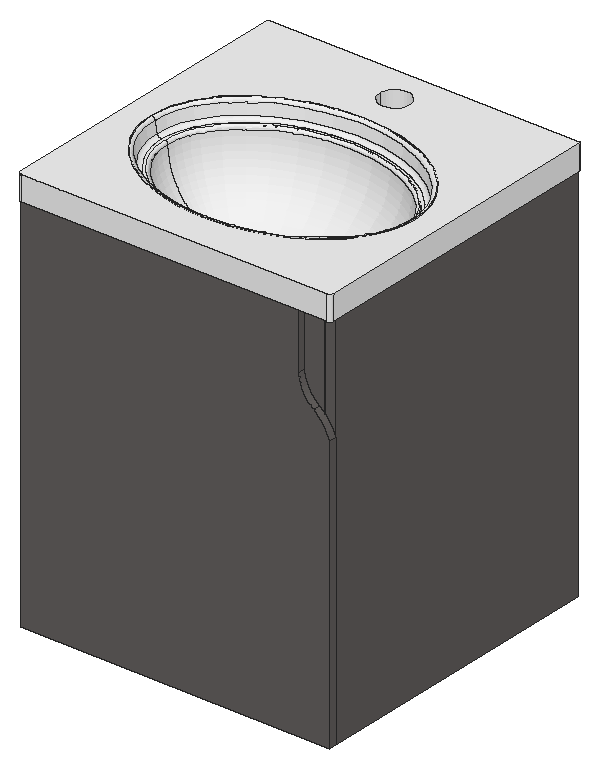
Revit family "LM0026611_Mueble Elipse Vital 45 cm con Lavamanos", category Plumbing Fixtures, Revit 2019
Family settings
  Round Connector Dimension = Use Diameter
  Part Type = Normal
  OmniClass Number = 23.45.05.14.14
  OmniClass Title = Sinks/Lavatories
  Work Plane-Based = No
  Always vertical = Yes
  Cut with Voids When Loaded = No
  Shared = No
  Room Calculation Point = No
Parameters (values of type "Ref. 604281711 Mueble Aluvia Miel Con Lavamanos")
  Resistencia al rayado = "700 ciclos"  # constant formula
  Resistencia a la humedad = "8%"  # constant formula
  Profundidad = 435 mm
  Peso Neto aprox = "22,5 lb (10,2 kg)"  # constant formula
  Peso Bruto aprox = "24,0 lb (10,9 kg)"  # constant formula
  Garantia Madera = "5 año"  # constant formula
  URL = "https://corona.co/productos/muebles-para-banos/mueble-elipse-vital/p/LM0026611"
  Dimensiones Generales (H * W * P) = "21,65” x 17,72” x 17,72” (550,0 x 450 x 450 mm)"  # constant formula
  Model = ""
  Material Lavamanos = Corona_Cerámica_Sinterizada
  Manufacturer = "Corona"  # constant formula
  Material = Corona_Madera_Carbon
  Description = "La línea de muebles Elipse Vital compacto que se se adapta a la gran\r\nmayoría de espacios disponibles\r\ndiseño y funcionalidad, ALUVIA se inspira en el movimiento y caída del agua en la\r\nnaturaleza, es por ello de sus formas orgánicas donde podemos obtener un producto\r\ncompacto y de líneas fluidas, que se adapta en espacios pequeños.\r\nel pricipal benefico de los muebles de esta linea es ser un producto compacto que cuenta\r\ncon cajón y repisa brindándole al consumidor mayor capacidad de almacenamiento, como\r\nuna excelente solución para aquellos espacios pequeños."  # constant formula
  Densidad = ""
  Date created = "24/07/2020"  # constant formula
  Created by = "IDD"  # constant formula
  Garantia Herrajes = ""
  Carga máxima = ""
  Canto = ""
  Ancho = 445 mm
  Alto = 850 mm
Types (3, lengths in mm): name | URL | Model | Material | Densidad | Garantia Herrajes | Carga máxima | Canto
  (no name) | "https://corona.co/productos/muebles-para-banos/mueble-elipse-vital/p/LM0026611" | "" | Corona_Madera_Carbon | "" | "" | "" | ""
  Ref. 604281711 Mueble Aluvia Miel Con Lavamanos | "https://corona.co/productos/muebles-para-banos/mueble-elipse-vital/p/LM0026611" | "" | Corona_Madera_Carbon | "" | "" | "" | ""
  Ref. 604286091 Mueble Aluvia Habano Con Lavamanos | 0 | "Mueble aluvia miel LVM 45X45" | none | "15 mms 670 kg./m^3." | "1 año" | "99,2 lb (45 kg)." | "PVC rígido 2 mm de calibre."
Reference planes
  plane 1 "Center (Front/Back)": y = 0
  plane 2: z = 0
  plane 3 "Center (Left/Right)": x = 0
  plane 4: x = -222.5
  plane 5: x = 222.5
  plane 6: y = -435
  plane 7: z = 850
  plane 8: y = -10
  plane 9: y = -445
  plane 10: y = -85
  plane 11: y = -430
  plane 12: y = -95
  plane 13: z = 265
  plane 14: z = 815
  plane 15: z = 450
  plane 16: z = 550
  plane 17: x = -100
  plane 18: x = 100
Forms (mm)
  Extrusion 1, solid, material "Corona_Madera_Carbon" <- "Material", detail levels medium+fine
    sketch origin (0, 0, 0) x (1, 0, 0) y (0, 1, 0)
      loop
        line (-222.5, 0) -> (-222.5, -435) -> (222.5, -435) -> (222.5, 0) -> (-222.5, 0)
    from 265 to 815
  Extrusion 2, void, detail levels medium+fine
    sketch origin (0, 0, 0) x (1, 0, 0) y (0, 1, 0)
      loop
        line (-207.5, -10) -> (-207.5, -435) -> (207.5, -435) -> (207.5, -10) -> (-207.5, -10)
    from 248.425 to 815
  Extrusion 3, solid, material "Corona_Madera_Carbon" <- "Material", detail levels medium+fine
    sketch origin (0, 0, 0) x (1, 0, 0) y (0, 1, 0)
      loop
        line (-222.5, -435) -> (-222.5, -445) -> (222.5, -445) -> (222.5, -435) -> (-222.5, -435)
    from 265 to 815
  Extrusion 4, solid, material "Corona_Madera_Carbon" <- "Material", detail levels medium+fine
    sketch origin (0, 0, -66.575) x (0, 1, 0) y (0, 0, 1)
      loop
        line (-10, 331.575) -> (-10, 341.575) -> (-420, 341.575) -> (-420, 331.575) -> (-10, 331.575)
    from -207.5 to 207.5
  Extrusion 5, void
    sketch origin (0, 0, 0) x (1, 0, 0) y (0, 0, 1)
      loop
        arc (177.539, 733.235) -> (184.197, 711.2) -> (199.355, 693.877) r 54.523
        arc (199.355, 693.877) -> (213.6, 679.221) -> (222.5, 660.823) r 64.01
        line (222.5, 660.823) -> (222.5, 815) -> (177.539, 815) -> (177.539, 733.235)
    from 435 to 445
  Extrusion 6, solid, material "Corona_Madera_Carbon", detail levels medium+fine
    sketch origin (0, 0, 0) x (1, 0, 0) y (0, 1, 0)
      loop
        line (-207.5, -420) -> (-207.5, -435) -> (207.5, -435) -> (207.5, -420) -> (-207.5, -420)
    from 644.7 to 815
  Extrusion 7, solid, material "Cubo", detail levels coarse
    sketch origin (0, 0, 0) x (1, 0, 0) y (0, 1, 0)
      loop
        line (-222.5, 0) -> (-222.5, -445) -> (222.5, -445) -> (222.5, 0) -> (-222.5, 0)
    from 0 to 850
Cuts and joins
  Extrusion 2, Extrusion 5 cuts Extrusion 1
  Extrusion 5 cuts Extrusion 3
Dimensions and locks
  equal spacing: plane 4, plane 3 "Center (Left/Right)", plane 5
  "Profundidad": plane 6 to plane 1 "Center (Front/Back)"
  "Ancho": plane 4 to plane 5
  plane 9 to plane 6 = 10 mm  (x2)
  plane 9 to plane 1 "Center (Front/Back)" = 445 mm
  plane 11 to plane 12 = 335 mm
  "Alto": plane 7 to level
  plane 1 "Center (Front/Back)" to plane 9 = 445 mm
  plane 10 to plane 6 = 350 mm
  plane 12 to plane 11 = 335 mm
  plane 5 to plane 4 = 445 mm
  plane 7 to plane 13 = 585 mm
  plane 14 to plane 13 = 550 mm
  plane 17 to plane 18 = 200 mm
  equal spacing: plane 17, plane 3 "Center (Left/Right)", plane 18
  plane 15 to level = 450 mm
  plane 16 to level = 550 mm
  aligned and locked: level to plane 2
  aligned and locked: plane 1 "Center (Front/Back)" to Extrusion 1 sketch curve
  aligned and locked: Extrusion 1 sketch curve to plane 5
  aligned and locked: plane 6 to Extrusion 1 sketch curve
  aligned and locked: plane 4 to Extrusion 1 sketch curve
  aligned and locked: plane 8 to Extrusion 2
  aligned and locked: Extrusion 2 to plane 6
Automatic sketch dimensions
  Extrusion 2 sketch curve to plane 6 = 0 mm
  Extrusion 2 sketch curve to plane 8 = 0 mm
  plane 4 to Extrusion 2 sketch curve = 15 mm
  Extrusion 2 sketch curve to plane 5 = 15 mm
  Extrusion 3 sketch curve to plane 4 = 0 mm
  Extrusion 3 sketch curve to plane 5 = 0 mm
  plane 9 to Extrusion 3 sketch curve = 0 mm
  Extrusion 3 sketch curve to plane 6 = 0 mm
  plane 13 to Extrusion 4 sketch curve = 0 mm
  Extrusion 4 sketch curve to plane 8 = 0 mm
  Extrusion 4 sketch curve to plane 11 = 10 mm
  Extrusion 4 sketch curve to plane 13 = 10 mm
  Extrusion 5 sketch curve to plane 5 = 0 mm
  Extrusion 5 sketch curve to plane 5 = 44.961 mm
  Extrusion 5 sketch curve to plane 5 = 61.334 mm
  plane 5 to Extrusion 5 sketch curve = 9.384 mm
  Extrusion 5 sketch curve to Extrusion 5 sketch curve = 4.399 mm
  Extrusion 5 sketch curve to Extrusion 5 sketch curve = 76.811 mm
  Extrusion 5 sketch curve to Extrusion 5 sketch curve = 18.316 mm
  Extrusion 6 sketch curve to plane 6 = 0 mm
  plane 4 to Extrusion 6 sketch curve = 15 mm
  Extrusion 6 sketch curve to plane 5 = 15 mm
  Extrusion 6 sketch curve to plane 11 = 10 mm
  Extrusion 7 sketch curve to plane 4 = 0 mm
  Extrusion 7 sketch curve to plane 5 = 0 mm
  plane 9 to Extrusion 7 sketch curve = 0 mm
  plane 1 "Center (Front/Back)" to Extrusion 7 sketch curve = 0 mm
  Extrusion 5 sketch curve to plane 14 = 0 mm
  Extrusion 5 sketch curve to plane 14 = 77.367 mm
Nested families
  nested 1: "Lavamanos_Aluvia" at (0, 3.157, 850), type "Lavamanos_Aluvia", detail levels medium+fine
  nested 2: "Family1" at (224.306, -445, 0), type "Family1", detail levels coarse
  nested 3: "Family2" at (232.5, 0, 265) x (1, 0, 0) z (0, -1, 0), type "Family2", detail levels coarse
  nested 4: "Family3" at (0, 0, 265) x (0, 1, 0) z (1, 0, 0), type "Family3", detail levels coarse
Connectors
  piping at (0, 0, 450), diameter 50
    settings: on plane 1 "Center (Front/Back)", index 2, connector inside diameter 609.6 mm, connector length 0 mm, flow factor 0, pipe flow 0.0 L/s, pressure drop 0.0 Pa, fitting loss kfactor 0, connector angle 0.00°, fixture units 0, engagement length 0 mm, angle of deflection 0.00°, flow configuration 0, flow direction 0, fitting loss method 0, system type 16, joint type 0, gender type 0, connector reference index -1, connector utility 0, adjustable connector no, is connector primary yes, connector description ""
  piping at (100, 0, 550), diameter 15
    settings: on plane 1 "Center (Front/Back)", index 3, connector inside diameter 609.6 mm, connector length 0 mm, flow factor 0, pipe flow 0.0 L/s, pressure drop 0.0 Pa, fitting loss kfactor 0, connector angle 0.00°, fixture units 0, engagement length 0 mm, angle of deflection 0.00°, flow configuration 0, flow direction 0, fitting loss method 0, system type 20, joint type 0, gender type 0, connector reference index -1, connector utility 0, adjustable connector no, is connector primary no, connector description ""
  piping at (-100, 0, 550), diameter 15
    settings: on plane 1 "Center (Front/Back)", index 4, connector inside diameter 609.6 mm, connector length 0 mm, flow factor 0, pipe flow 0.0 L/s, pressure drop 0.0 Pa, fitting loss kfactor 0, connector angle 0.00°, fixture units 0, engagement length 0 mm, angle of deflection 0.00°, flow configuration 0, flow direction 0, fitting loss method 0, system type 19, joint type 0, gender type 0, connector reference index -1, connector utility 0, adjustable connector no, is connector primary no, connector description ""
Definition of nested family "Lavamanos_Aluvia"
  Parameters (values of type "Lavamanos_Aluvia")
    Width = 450 mm
    Material Lavamanos = none
    Height = 122 mm
    Depth = 450 mm
    Date Created = "08/07/2020"  # constant formula
    Created by = "IDD"  # constant formula
  Reference planes
    plane 1 "Center (Front/Back)": y = 0
    plane 2: z = 0
    plane 3 "Center (Left/Right)": x = 0
    plane 4: y = -450
    plane 5: x = 225
    plane 6: x = -225
    plane 7: z = -150
    plane 8: z = -35
    plane 9: y = -253.444
  Forms (mm)
    Extrusion 1, solid, material <- "Material Lavamanos"
      sketch origin (0, 0, -10) x (1, 0, 0) y (0, 1, 0)
        loop
          arc (-222.603, 0) -> (-224.013, -0.987) -> (-225, -2.397) r 4.953
          line (-225, -2.397) -> (-225, -443.917)
          arc (-225, -443.917) -> (-223.218, -448.218) -> (-218.917, -450) r 6.083
          line (-218.917, -450) -> (218.917, -450)
          arc (218.917, -450) -> (223.218, -448.218) -> (225, -443.917) r 6.083
          line (225, -443.917) -> (225, -2.397)
          arc (225, -2.397) -> (224.013, -0.987) -> (222.603, 0) r 4.953
          line (222.603, 0) -> (-222.603, 0)
        loop
          spline (-190.736, -253.444) -> (-184.262, -290.973) -> (-165.281, -325.944) -> (-135.087, -355.974) -> (-95.736, -379.017) -> (-49.912, -393.503) -> (-0.736, -398.444) -> (48.439, -393.503) -> (94.264, -379.017) -> (133.614, -355.974) -> (163.809, -325.944) -> (182.79, -290.973) -> (189.264, -253.444)
          spline (189.264, -253.444) -> (182.79, -215.915) -> (163.809, -180.944) -> (133.614, -150.913) -> (94.264, -127.87) -> (48.439, -113.385) -> (-0.736, -108.444) -> (-49.912, -113.385) -> (-95.736, -127.87) -> (-135.087, -150.913) -> (-165.281, -180.944) -> (-184.262, -215.915) -> (-190.736, -253.444)
      from -25 to 10
    Sweep 2, solid
      path in 3D
        loop
          spline (-190.736, -253.444, 0) -> (-184.262, -290.973, 0) -> (-165.281, -325.944, 0) -> (-135.087, -355.974, 0) -> (-95.736, -379.017, 0) -> (-49.912, -393.503, 0) -> (-0.736, -398.444, 0) -> (48.439, -393.503, 0) -> (94.264, -379.017, 0) -> (133.614, -355.974, 0) -> (163.809, -325.944, 0) -> (182.79, -290.973, 0) -> (189.264, -253.444, 0)
          spline (189.264, -253.444, 0) -> (182.79, -215.915, 0) -> (163.809, -180.944, 0) -> (133.614, -150.913, 0) -> (94.264, -127.87, 0) -> (48.439, -113.385, 0) -> (-0.736, -108.444, 0) -> (-49.912, -113.385, 0) -> (-95.736, -127.87, 0) -> (-135.087, -150.913, 0) -> (-165.281, -180.944, 0) -> (-184.262, -215.915, 0) -> (-190.736, -253.444, 0)
      profile origin (-0.736, -108.444, 0) x (0, -1, 0) y (0, 0, 1)
        loop
          line (0, 0) -> (0, -13.758) -> (3.865, -23.05)
          arc (3.865, -23.05) -> (9.931, -29.249) -> (18.599, -29.556) r 11.679
          arc (18.599, -29.556) -> (44.862, -99.24) -> (108.25, -138.323) r 115.268
          line (108.25, -138.323) -> (109.359, -138.57) -> (109.359, -133.448)
          arc (109.359, -133.448) -> (48.681, -96.011) -> (23.593, -29.274) r 110.268
          arc (23.593, -29.274) -> (22.412, -26.424) -> (19.562, -25.244) r 4.03
          line (19.562, -25.244) -> (14.649, -25.244)
          arc (14.649, -25.244) -> (10.558, -23.845) -> (8.181, -20.233) r 6.679
          line (8.181, -20.233) -> (5.534, -4.644)
          arc (5.534, -4.644) -> (3.612, -1.315) -> (0, 0) r 5.62
    Extrusion 3, void
      sketch origin (0, -11.26, 0) x (1, 0, 0) y (0, 1, 0)
        loop
          circle (0, -242.183) r 21.75
      from -167.798 to -105
    Extrusion 4, void
      sketch origin (0, 188.74, 0) x (1, 0, 0) y (0, 1, 0)
        loop
          circle (0, -242.183) r 21.75
      from -59.237 to 25
    Extrusion 5, solid
      sketch origin (0, 0, 10) x (1, 0, 0) y (0, 1, 0)
        loop
          spline (81.013, -253.444) -> (80.652, -251.776) -> (77.478, -246.25) -> (67.941, -236.967) -> (50.616, -226.932) -> (26.752, -219.441) -> (-0.736, -216.694) -> (-28.224, -219.441) -> (-52.088, -226.932) -> (-69.414, -236.967) -> (-78.95, -246.25) -> (-82.124, -251.776) -> (-82.486, -253.444)
          spline (-82.486, -253.444) -> (-82.124, -255.112) -> (-78.95, -260.638) -> (-69.414, -269.921) -> (-52.088, -279.956) -> (-28.224, -287.446) -> (-0.736, -290.193) -> (26.752, -287.446) -> (50.616, -279.956) -> (67.941, -269.921) -> (77.478, -260.638) -> (80.652, -255.112) -> (81.013, -253.444)
      from -160 to -143.447
  Cuts and joins
    Extrusion 3 cuts Sweep 2
    Extrusion 3 cuts Extrusion 5
    Extrusion 4 cuts Extrusion 1
  Lines and regions (mm)
    sketch lines
      curve 1: spline (189.264, -253.444, 0) -> (182.79, -215.915, 0) -> (163.809, -180.944, 0) -> (133.614, -150.913, 0) -> (94.264, -127.87, 0) -> (48.439, -113.385, 0) -> (-0.736, -108.444, 0) -> (-49.912, -113.385, 0) -> (-95.736, -127.87, 0) -> (-135.087, -150.913, 0) -> (-165.281, -180.944, 0) -> (-184.262, -215.915, 0) -> (-190.736, -253.444, 0)
      curve 2: spline (-190.736, -253.444, 0) -> (-184.262, -290.973, 0) -> (-165.281, -325.944, 0) -> (-135.087, -355.974, 0) -> (-95.736, -379.017, 0) -> (-49.912, -393.503, 0) -> (-0.736, -398.444, 0) -> (48.439, -393.503, 0) -> (94.264, -379.017, 0) -> (133.614, -355.974, 0) -> (163.809, -325.944, 0) -> (182.79, -290.973, 0) -> (189.264, -253.444, 0)
  Dimensions and locks
    equal spacing: plane 6, plane 3 "Center (Left/Right)", plane 5
    "Width": plane 6 to plane 5
    "Depth": plane 4 to plane 1 "Center (Front/Back)"
    plane 1 "Center (Front/Back)" to plane 4 = 450 mm
    level to plane 7 = 150 mm
    plane 8 to level = 35 mm
    aligned and locked: level to plane 2
  Automatic sketch dimensions
    Extrusion 1 sketch curve to plane 6 = 0 mm
    plane 1 "Center (Front/Back)" to Extrusion 1 sketch curve = 0 mm
    Extrusion 1 sketch curve to plane 4 = 0 mm
    plane 9 to Extrusion 1 sketch curve = 0 mm
    Extrusion 1 sketch curve to plane 5 = 0 mm
    plane 6 to Extrusion 1 sketch curve = 2.397 mm
    plane 6 to Extrusion 1 sketch curve = 4.489 mm
    plane 6 to Extrusion 1 sketch curve = 6.083 mm
    Extrusion 1 sketch curve to Extrusion 1 sketch curve = 6.083 mm
    Extrusion 1 sketch curve to plane 5 = 4.489 mm
    Extrusion 1 sketch curve to plane 5 = 2.397 mm
    plane 1 "Center (Front/Back)" to Extrusion 1 sketch curve = 4.489 mm  (x2)
    plane 6 to Extrusion 1 sketch curve = 34.264 mm
    Extrusion 1 sketch curve to plane 3 "Center (Left/Right)" = 0.736 mm
    Sweep 2 sketch curve to Sweep 2 sketch curve = 0 mm  (x4)
    Sweep 2 sketch curve to profile plane = 0 mm  (x2)
    Sweep 2 sketch curve to profile plane = 3.865 mm
    Sweep 2 sketch curve to profile plane = 4.644 mm
    Sweep 2 sketch curve to profile plane = 5.534 mm
    Sweep 2 sketch curve to Sweep 2 sketch curve = 4.316 mm
    Sweep 2 sketch curve to Sweep 2 sketch curve = 6.468 mm
    Sweep 2 sketch curve to Sweep 2 sketch curve = 4.913 mm
    Sweep 2 sketch curve to profile plane = 108.25 mm
    Sweep 2 sketch curve to Sweep 2 sketch curve = 1.109 mm
    Sweep 2 sketch curve to profile plane = 25.925 mm
    Sweep 2 sketch curve to Sweep 2 sketch curve = 24.45 mm
    Sweep 2 sketch curve to Sweep 2 sketch curve = 24.63 mm
    Sweep 2 sketch curve to Sweep 2 sketch curve = 107.523 mm
    Sweep 2 sketch curve to Sweep 2 sketch curve = 4.876 mm
    Sweep 2 sketch curve to Sweep 2 sketch curve = 0.246 mm
    Sweep 2 sketch curve to Sweep 2 sketch curve = 2.194 mm
    Sweep 2 sketch curve to Sweep 2 sketch curve = 2.817 mm
    Sweep 2 sketch curve to Sweep 2 sketch curve = 8.138 mm
    Extrusion 3 sketch curve to Extrusion 3 sketch curve = 0 mm  (x2)
    plane 9 to Extrusion 3 sketch curve = 0 mm
    Extrusion 3 sketch curve to plane 3 "Center (Left/Right)" = 0 mm
    Extrusion 3 sketch curve to Extrusion 3 sketch curve = 21.75 mm
    Extrusion 4 sketch curve to Extrusion 4 sketch curve = 0 mm  (x2)
    Extrusion 4 sketch curve to plane 3 "Center (Left/Right)" = 0 mm
    plane 1 "Center (Front/Back)" to Extrusion 4 sketch curve = 53.444 mm
    Extrusion 4 sketch curve to Extrusion 4 sketch curve = 21.75 mm
    plane 9 to Extrusion 5 sketch curve = 0 mm  (x2)
    Extrusion 5 sketch curve to plane 3 "Center (Left/Right)" = 82.486 mm
    Extrusion 5 sketch curve to Extrusion 5 sketch curve = 0 mm  (x2)
    plane 3 "Center (Left/Right)" to Extrusion 5 sketch curve = 81.013 mm
Definition of nested family "Family1"
  Reference planes
    plane 1 "Center (Front/Back)": y = 0
    plane 2: z = 0
    plane 3 "Center (Left/Right)": x = 0
    plane 4: y = 450
    plane 5: x = -450
  Lines and regions (mm)
    detail lines, in view "Ref. Level"
      curve 1: line (-434.033, 450, 0) -> (-13.57, 450, 0)
      curve 2: line (-451.421, 20, 0) -> (-451.421, 432.612, 0)
      curve 3: line (-25, 0, 0) -> (-431.421, 0, 0)
      curve 4: line (0, 436.43, 0) -> (0, 25, 0)
      curve 5: line (-443.613, 455, 0) -> (-5, 455, 0)
      curve 6: line (-456.421, 15, 0) -> (-456.421, 442.192, 0)
      curve 7: line (-13.198, -5, 0) -> (-436.421, -5, 0)
      curve 8: line (5, 445, 0) -> (5, 13.198, 0)
      curve 9: spline (-357.188, 199.724, 0) -> (-352.077, 229.488, 0) -> (-337.092, 257.224, 0) -> (-313.254, 281.041, 0) -> (-282.188, 299.316, 0) -> (-246.011, 310.805, 0) -> (-207.188, 314.724, 0) -> (-168.365, 310.805, 0) -> (-132.188, 299.316, 0) -> (-101.122, 281.041, 0) -> (-77.284, 257.224, 0) -> (-62.299, 229.488, 0) -> (-57.188, 199.724, 0) -> (-62.299, 169.959, 0) -> (-77.284, 142.224, 0) -> (-101.122, 118.406, 0) -> (-132.188, 100.131, 0) -> (-168.365, 88.642, 0) -> (-207.188, 84.724, 0) -> (-246.011, 88.642, 0) -> (-282.188, 100.131, 0) -> (-313.254, 118.406, 0) -> (-337.092, 142.224, 0) -> (-352.077, 169.959, 0) -> (-357.188, 199.724, 0)
      curve 10: spline (-411.831, 198.767, 0) -> (-405.527, 236.296, 0) -> (-387.046, 271.267, 0) -> (-357.646, 301.298, 0) -> (-319.331, 324.341, 0) -> (-274.713, 338.826, 0) -> (-226.831, 343.767, 0) -> (-178.949, 338.826, 0) -> (-134.331, 324.341, 0) -> (-96.016, 301.298, 0) -> (-66.616, 271.267, 0) -> (-48.135, 236.296, 0) -> (-41.831, 198.767, 0) -> (-48.135, 161.238, 0) -> (-66.616, 126.267, 0) -> (-96.016, 96.237, 0) -> (-134.331, 73.193, 0) -> (-178.949, 58.708, 0) -> (-226.831, 53.767, 0) -> (-274.713, 58.708, 0) -> (-319.331, 73.193, 0) -> (-357.646, 96.237, 0) -> (-387.046, 126.267, 0) -> (-405.527, 161.238, 0) -> (-411.831, 198.767, 0)
      curve 11: spline (-227.301, 69.085, 0) -> (-183.302, 73.515, 0) -> (-142.301, 86.502, 0) -> (-107.093, 107.161, 0) -> (-80.077, 134.085, 0) -> (-63.094, 165.439, 0) -> (-57.301, 199.085, 0) -> (-63.094, 232.732, 0) -> (-80.077, 264.085, 0) -> (-107.093, 291.009, 0) -> (-142.301, 311.669, 0) -> (-183.302, 324.656, 0) -> (-227.301, 329.085, 0) -> (-271.301, 324.656, 0) -> (-312.301, 311.669, 0) -> (-347.509, 291.009, 0) -> (-374.526, 264.085, 0) -> (-391.509, 232.732, 0) -> (-397.301, 199.085, 0) -> (-391.509, 165.439, 0) -> (-374.526, 134.085, 0) -> (-347.509, 107.161, 0) -> (-312.301, 86.502, 0) -> (-271.301, 73.515, 0) -> (-227.301, 69.085, 0)
      curve 12: circle (-205.353, 197.141, 0) r 20 normal (0, 0, 1)
      curve 13: circle (-205.353, 197.141, 0) r 37.004 normal (0, 0, 1)
      curve 14: circle (-202.268, 385.202, 0) r 17.349 normal (0, 0, 1)
      curve 15: line (-451.256, 435, 0) -> (0, 435, 0)
      curve 16: arc (-13.57, 450, 0) -> (-3.975, 446.025, 0) -> (0, 436.43, 0) r 13.57
      curve 17: arc (-451.421, 432.612, 0) -> (-446.328, 444.907, 0) -> (-434.033, 450, 0) r 17.388
      curve 18: arc (-431.421, 0, 0) -> (-445.563, 5.858, 0) -> (-451.421, 20, 0) r 20
      curve 19: arc (-25, 0, 0) -> (-7.322, 7.322, 0) -> (0, 25, 0) r 25
      curve 20: arc (5, 13.198, 0) -> (-0.33, 0.33, 0) -> (-13.198, -5, 0) r 18.198
      curve 21: arc (-5, 455, 0) -> (2.071, 452.071, 0) -> (5, 445, 0) r 10
      curve 22: arc (-456.421, 442.192, 0) -> (-452.67, 451.249, 0) -> (-443.613, 455, 0) r 12.808
      curve 23: arc (-436.421, -5, 0) -> (-450.563, 0.858, 0) -> (-456.421, 15, 0) r 20
Definition of nested family "Family2"
  Reference planes
    plane 1 "Center (Front/Back)": y = 0
    plane 2: z = 0
    plane 3 "Center (Left/Right)": x = 0
  Lines and regions (mm)
    detail lines, in view "Ref. Level"
      curve 1: line (-460, 0, 0) -> (-460, 585.438, 0)
      curve 2: line (-10, 585.437, 0) -> (-10, 0, 0)
      curve 3: line (-10, 0, 0) -> (-460, 0, 0)
      curve 4: line (-460, 550.438, 0) -> (-10, 550.437, 0)
      curve 5: line (-460, 585.438, 0) -> (-10, 585.437, 0)
      curve 6: arc (-59.148, 493.125, 0) -> (-51.75, 468.837, 0) -> (-36.449, 448.575, 0) r 72.673
      curve 7: arc (-36.449, 448.575, 0) -> (-20.97, 430.49, 0) -> (-10, 409.363, 0) r 104.176
      curve 8: line (-59.148, 493.125, 0) -> (-59.148, 550.437, 0)
Definition of nested family "Family3"
  Reference planes
    plane 1 "Center (Front/Back)": y = 0
    plane 2: z = 0
    plane 3 "Center (Left/Right)": x = 0
  Lines and regions (mm)
    detail lines, in view "Ref. Level"
      curve 1: line (0, 0, 0) -> (-450, 0, 0)
      curve 2: line (-450, 0, 0) -> (-450, 585, 0)
      curve 3: line (0, 0, 0) -> (0, 585, 0)
      curve 4: line (-450, 585, 0) -> (0, 585, 0)
      curve 5: line (-450, 550, 0) -> (0, 550, 0)
